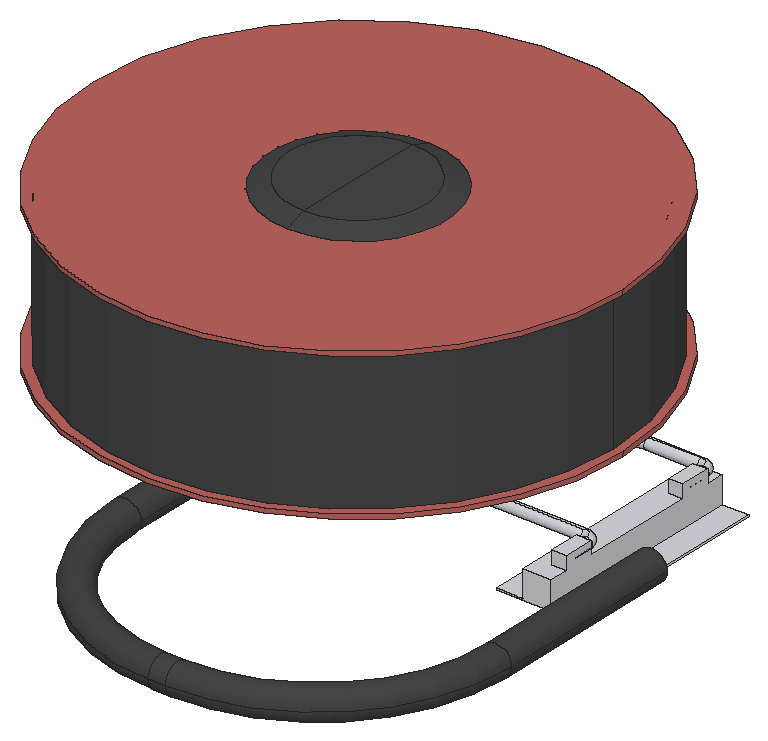
Revit family "GRAS_HW-25 ZWN-R 20-30", category Osprzęt hydrauliczny, Revit 2018
Family settings
  Obiekt nadrzędny = Powierzchnia
  Wymiar okrągłego złącza = Użyj średnicy
  Typ części = Normalny
  Tnij formami wycięć po wczytaniu = Nie
  Współdzielony = Nie
  Punkt obliczania pomieszczeń = Nie
Parameters (values of type "HW-25N-20/30 ZWN-S, 600x170")
  URL = "http://www.gras.pl/"
  Top Right Supply Connection = ""
  Top Left Supply Connection = ""
  Side Right Supply Connection = ""
  Side Left Supply Connection = ""
  Producent = "GRAS PPPH"
  Opis = "https://gras.pl/en/hw-25-zwn-r-20-30/"
  Model = "HW-25N-20/30, 600x170"
  K Factor = 42
  Hose_color = Black
  Flow = 60.0 L/s
  Door_Right - Door_Left [instance] = no
  Default Elevation = 0 mm
  Diameter = 600 mm
  Depth_hose_reel = 170 mm
  DN = 25 mm
  Cabinet material = DC01, RAL3000
  Back Right Supply Connection = ""
  Back Left Supply Connection = ""
Types (2, lengths in mm): name | Model | Diameter | Depth_hose_reel
  HW-25N-20/30 ZWN-S, 600x170 | "HW-25N-20/30, 600x170" | 600 | 170
  HW-25N-20/30 ZWN-S, 650x110 | "HW-25N-20/30, 650x110" | 650 | 110
Reference planes
  plane 1 "Środek (Przód/Tył)": y = 0
  plane 2: z = 0
  plane 3 "Środek (Lewa/Prawa)": x = 0
  plane 4: z = 0
Forms (mm)
  Extrusion 1, solid, not visible
    sketch origin (0, 0, 0) x (1, 0, 0) y (0, 1, 0)
      loop
        line (-1219.2, 1219.2) -> (-1219.2, -1219.2) -> (1219.2, -1219.2) -> (1219.2, 1219.2) -> (-1219.2, 1219.2)
    from 0 to -304.8
Dimensions and locks
  nested 1 to Extrusion 1 = 229.5 mm
  aligned and locked: plane 2 to Extrusion 1
  aligned and locked: level to Extrusion 1
Nested families
  nested 1: "cabinet" at (0, 350, 0) x (-1, 0, 0) z (0, -1, 0), type "cabinet_on_the_wall"
Connectors
  piping at (70, 173, 39.5), diameter 25, driven by "DN"
    settings: on nested 1, index 1, connector inside diameter 609.6 mm, connector length 0 mm, flow factor 0, pipe flow 0.0 L/s, pressure drop 0.0 Pa, fitting loss kfactor 0, connector angle 0.00°, fixture units 0, engagement length 0 mm, angle of deflection 0.00°, flow configuration 0, flow direction 0, fitting loss method 0, system type 7, joint type 0, gender type 0, connector reference index -1, connector utility 0, adjustable connector no, is connector primary yes, connector description ""
Definition of nested family "cabinet"
  Parameters (values of type "cabinet_on_the_wall")
    steel_color = none
    mo_plane = 64 mm
    hose_depth = 170 mm
    diameter = 600 mm
    bracket_thickness = 10 mm
    Szlauch_color = none
    Hoose_reel_mo = mo_plane - 10 mm  # 54 mm
    Default Elevation = 0 mm
    Hose_color = none
    0 = 0 mm
  Reference planes
    plane 1 "Środek (Przód/Tył)": y = 0
    plane 2: z = 0
    plane 3 "Środek (Lewa/Prawa)": x = 0
    plane 4: z = 0
  Dimensions and locks
    "0": nested 2 to level
    "0": nested 2 to plane 3 "Środek (Lewa/Prawa)"
    "0": nested 3 to level
    "0": plane 3 "Środek (Lewa/Prawa)" to nested 3
    "0": nested 1 to nested 3
    "0": nested 1 to nested 4
    "0": nested 4 to nested 3  (x2)
    "0": nested 1 to nested 5
    nested 1 to nested 3 = 18 mm
    "0": nested 5 to nested 1  (x2)
    aligned and locked: level to plane 2
  Nested families
    nested 1: "hose_reel" at (350, -59.5, -232.71), type "hose_reel"
      with diameter 600 mm, depth 170 mm
    nested 2: "bracket" at (-8.25, 0, 0) x (-1, 0, 0) z (0, 0, 1), type "bracket"
    nested 3: "arm" at (0, -39.5, 177) x (-1, 0, 0) z (0, 0, 1), type "arm"
    nested 4: "lacznik" at (350, -39.5, 177) x (-1, 0, 0) z (0, 0, 1), type "lacznik"
    nested 5: "plug" at (350, -229.5, -32.71), type "plug"
  Definition of nested family "hose_reel"
    Parameters (values of type "hose_reel")
      steel_color = none
      diameter = 700 mm
      depth = 58 mm
      Ral_3000 = none
      Hose_color = none
      5 = 5 mm
      180 = 180 mm
      20 = 20 mm
    Reference planes
      plane 1 "Środek (Przód/Tył)": y = 0
      plane 2: z = 0
      plane 3 "Środek (Lewa/Prawa)": x = 0
      plane 4: z = 350
      plane 5: z = 700
      plane 6: y = -58
      plane 7: z = 680
      plane 8: y = -5
      plane 9: y = -53
      plane 10: z = 440
      plane 11: z = 260
      plane 12: z = 690
    Forms (mm)
      Sweep 1, solid, material <- "Ral_3000"
        path origin (0, 0, 0) x (1, 0, 0) y (0, 0, 1)
          loop
            circle (0, 350) r 350
        profile origin (0, 0, 700) x (0, 0, -1) y (0, -1, 0)
          loop
            line (0, 0) -> (260, 0) -> (260, 58) -> (0, 58) -> (0, 53) -> (20, 53) -> (20, 5) -> (0, 5) -> (0, 0)
      Extrusion 2, solid, material <- "Ral_3000"
        sketch origin (0, 0, 0) x (1, 0, 0) y (0, 0, 1)
          loop
            circle (0, 350) r 90
        from 5 to 53
      Sweep 3, solid, material <- "Hose_color"
        path origin (0, 0, 0) x (1, 0, 0) y (0, 0, 1)
          loop
            circle (0, 350) r 340
        profile origin (0, 0, 690) x (0, 0, -1) y (0, -1, 0)
          loop
            line (10, 5) -> (10, 53) -> (0, 53) -> (0, 5) -> (10, 5)
    Dimensions and locks
      equal spacing: plane 5, plane 4, plane 2
      "diameter": plane 5 to plane 2
      "depth": plane 1 "Środek (Przód/Tył)" to plane 6
      "20": plane 5 to plane 7
      "5": plane 1 "Środek (Przód/Tył)" to plane 8
      "5": plane 9 to plane 6
      equal spacing: plane 10, plane 4, plane 11
      "180": plane 10 to plane 11
      equal spacing: plane 5, plane 12, plane 7
      aligned and locked: level to plane 2
      aligned and locked: plane 7 to Sweep 1 sketch curve
      aligned and locked: plane 8 to Sweep 1 sketch curve
      aligned and locked: Sweep 1 sketch curve to plane 9
      aligned and locked: plane 6 to Sweep 1 sketch curve
      aligned and locked: plane 5 to Sweep 1 sketch curve  (x2)
      aligned and locked: Sweep 1 sketch curve to plane 10
      aligned and locked: Extrusion 2 to Sweep 1
      aligned and locked: Sweep 1 to Extrusion 2
      aligned and locked: plane 7 to Sweep 3 sketch curve
      aligned and locked: Sweep 3 sketch curve to plane 9
      aligned and locked: plane 8 to Sweep 3 sketch curve
      aligned and locked: Sweep 3 sketch curve to plane 12
    Automatic sketch dimensions
      Sweep 1 sketch curve to plane 3 "Środek (Lewa/Prawa)" = 0 mm
      Sweep 1 sketch curve to plane 4 = 0 mm
      Sweep 1 sketch curve to plane 1 "Środek (Przód/Tył)" = 0 mm
      Extrusion 2 sketch curve to plane 3 "Środek (Lewa/Prawa)" = 0 mm
      Extrusion 2 sketch curve to plane 4 = 0 mm
      Sweep 3 sketch curve to plane 3 "Środek (Lewa/Prawa)" = 0 mm
      Sweep 3 sketch curve to plane 4 = 0 mm
      radius of Sweep 1 sketch curve = 350 mm
      radius of Extrusion 2 sketch curve = 90 mm
      radius of Sweep 3 sketch curve = 340 mm
  Definition of nested family "bracket"
    Parameters (values of type "bracket")
      thickness = 2 mm
      material = none
      Bracket_Height = 242 mm
      47 = 47 mm
      35 = 35 mm
      32 = 32 mm
      30 = 30 mm
      20 = 20 mm
      165 = 165 mm
      16.5 = 16.5 mm
      15 = 15 mm
    Reference planes
      plane 1 "Środek (Przód/Tył)": y = 0
      plane 2: z = 0
      plane 3 "Środek (Lewa/Prawa)": x = 0
      plane 4: z = 121
      plane 5: z = 242
      plane 6: x = 30
      plane 7: x = -16.5
      plane 8: x = -31.5
      plane 9: x = -61.5
      plane 10: y = -2
      plane 11: y = -32
      plane 12: y = -47
      plane 13: z = 20
      plane 14: z = 55
      plane 15: z = 185
      plane 16: z = 220
      plane 17: y = -39.5
      plane 18: x = -8.25
    Forms (mm)
      Extrusion 1, solid, material <- "material"
        sketch origin (0, 0, 0) x (1, 0, 0) y (0, 1, 0)
          loop
            line (30, 0) -> (-61.5, 0) -> (-61.5, -2) -> (-31.5, -2) -> (-31.5, -32) -> (-16.5, -32) -> (-16.5, -47) -> (0, -47) -> (0, -2) -> (30, -2) -> (30, 0)
        from 0 to 242
      Extrusion 2, void
        sketch origin (0, 0, 0) x (1, 0, 0) y (0, 0, 1)
          loop
            line (-61.5, 242) -> (-61.5, 220) -> (30, 220) -> (30, 242) -> (-61.5, 242)
        from 32 to 47
      Extrusion 3, void
        sketch origin (0, 0, 0) x (1, 0, 0) y (0, 0, 1)
          loop
            line (-61.5, 185) -> (-61.5, 55) -> (30, 55) -> (30, 185) -> (-61.5, 185)
        from 32 to 47
      Extrusion 4, void
        sketch origin (0, 0, 0) x (1, 0, 0) y (0, 0, 1)
          loop
            line (-61.5, 20) -> (-61.5, 0) -> (30, 0) -> (30, 20) -> (-61.5, 20)
        from 32 to 47
    Cuts and joins
      Extrusion 2, Extrusion 3, Extrusion 4 cuts Extrusion 1
    Dimensions and locks
      equal spacing: plane 5, plane 4, level
      "Bracket_Height": plane 5 to level
      "30": plane 3 "Środek (Lewa/Prawa)" to plane 6
      "16.5": plane 7 to plane 3 "Środek (Lewa/Prawa)"
      "15": plane 8 to plane 7
      "30": plane 9 to plane 8
      "thickness": plane 1 "Środek (Przód/Tył)" to plane 10
      "32": plane 1 "Środek (Przód/Tył)" to plane 11
      "47": plane 1 "Środek (Przód/Tył)" to plane 12
      "20": plane 13 to level
      "35": plane 14 to plane 13
      "35": plane 16 to plane 15
      "165": plane 16 to plane 14
      equal spacing: plane 7, plane 18, plane 3 "Środek (Lewa/Prawa)"
      equal spacing: plane 11, plane 17, plane 12
      aligned and locked: level to plane 2
      aligned and locked: plane 1 "Środek (Przód/Tył)" to Extrusion 1 sketch curve
      aligned and locked: plane 10 to Extrusion 1 sketch curve  (x2)
      aligned and locked: plane 9 to Extrusion 1 sketch curve
      aligned and locked: plane 8 to Extrusion 1 sketch curve
      aligned and locked: plane 11 to Extrusion 1 sketch curve
      aligned and locked: plane 7 to Extrusion 1 sketch curve
      aligned and locked: plane 12 to Extrusion 1 sketch curve
      aligned and locked: Extrusion 1 sketch curve to plane 3 "Środek (Lewa/Prawa)"
      aligned and locked: Extrusion 1 sketch curve to plane 6
      aligned and locked: Extrusion 1 to level
      aligned and locked: plane 5 to Extrusion 1
      aligned and locked: Extrusion 2 sketch curve to plane 5
      aligned and locked: plane 16 to Extrusion 2 sketch curve
      aligned and locked: plane 9 to Extrusion 2 sketch curve
      aligned and locked: Extrusion 2 sketch curve to plane 6
      aligned and locked: Extrusion 2 to plane 12
      aligned and locked: plane 11 to Extrusion 2
      aligned and locked: plane 9 to Extrusion 3 sketch curve
      aligned and locked: Extrusion 3 sketch curve to plane 6
      aligned and locked: plane 14 to Extrusion 3 sketch curve
      aligned and locked: Extrusion 3 sketch curve to plane 15
      aligned and locked: plane 11 to Extrusion 3
      aligned and locked: Extrusion 3 to plane 12
      aligned and locked: Extrusion 4 sketch curve to plane 6
      aligned and locked: plane 9 to Extrusion 4 sketch curve
      aligned and locked: level to Extrusion 4 sketch curve
      aligned and locked: Extrusion 4 sketch curve to plane 13
      aligned and locked: plane 11 to Extrusion 4
      aligned and locked: Extrusion 4 to plane 12
  Definition of nested family "arm"
    Parameters (values of type "arm")
      rop = 12 mm
      r = 10 mm
      dist.x = 350 mm
      66 = 66 mm
      50 = 45 mm
      40 = 36 mm
      34 = 25 mm
      162 = 165 mm
      1/4.x = dist.x / 4  # 87.5 mm
    Reference planes
      plane 1 "Środek (Przód/Tył)": y = 0
      plane 2: z = 0
      plane 3 "Środek (Lewa/Prawa)": x = 0
      plane 4: x = -350
      plane 5: y = 6
      plane 6: y = -6
      plane 7: z = -165
      plane 8: z = 39
      plane 9: z = -126
      plane 10: x = -368
      plane 11: x = -332
      plane 12: z = -18
      plane 13: z = -6
      plane 14: x = -262.5
      plane 15: x = -87.5
      plane 16: z = -177
      plane 17: z = -171
      plane 18: z = -12
      plane 19: z = -24
      plane 20: z = -60
      plane 21: y = -25
      plane 22: y = 18
      plane 23: y = -18
    Forms (mm)
      Sweep 1, solid
        path origin (0, 0, 0) x (1, 0, 0) y (0, 0, 1)
          loop
            line (0, 39) -> (0, 4)
            arc (0, 4) -> (-2.929, -3.071) -> (-10, -6) r 10
            line (-10, -6) -> (-350, -6)
        profile origin (0, 0, 21.5) x (0, -1, 0) y (1, 0, 0)
          loop
            circle (0, 0) r 6
      Sweep 2, solid
        path origin (-350, 743.266, 1200) x (0, 1, 0) y (0, 0, 1)
          loop
            line (-743.266, -1200) -> (-743.266, -1260) -> (-768.266, -1260)
        profile origin (-350, 0, -30) x (1, 0, 0) y (0, 1, 0)
          loop
            circle (0, 0) r 18
      Extrusion 3, void
        sketch origin (0, 0, 0) x (1, 0, 0) y (0, 1, 0)
          loop
            circle (-350, 0) r 18
        from 0 to -24
      Sweep 4, solid
        path origin (0, 0, 0) x (1, 0, 0) y (0, 0, 1)
          loop
            line (0, -126) -> (0, -161)
            arc (0, -161) -> (-2.929, -168.071) -> (-10, -171) r 10
            line (-10, -171) -> (-70.191, -171)
            arc (-70.191, -171) -> (-82.386, -168.822) -> (-93.072, -162.558) r 35.231
            line (-93.072, -162.558) -> (-254.148, -24.978)
            arc (-254.148, -24.978) -> (-263.152, -19.798) -> (-273.383, -18) r 30
            line (-273.383, -18) -> (-350, -18)
        profile origin (0, 0, -143.5) x (0, -1, 0) y (1, 0, 0)
          loop
            circle (0, 0) r 6
    Cuts and joins
      Extrusion 3 cuts Sweep 1
      Extrusion 3 cuts Sweep 4
    Dimensions and locks
      equal spacing: plane 5, plane 1 "Środek (Przód/Tył)", plane 6
      "dist.x": plane 4 to plane 3 "Środek (Lewa/Prawa)"
      "rop": plane 5 to plane 6
      equal spacing: plane 11, plane 4, plane 10
      "40": plane 11 to plane 10
      "1/4.x": plane 14 to plane 4
      "1/4.x": plane 3 "Środek (Lewa/Prawa)" to plane 15
      "34": plane 1 "Środek (Przód/Tył)" to plane 21
      equal spacing: plane 22, plane 1 "Środek (Przód/Tył)", plane 23
      "40": plane 22 to plane 23
      "rop": level to plane 18
      equal spacing: level, plane 13, plane 18
      "50": plane 8 to plane 13
      "dist.x": plane 3 "Środek (Lewa/Prawa)" to plane 4
      equal spacing: plane 18, plane 12, plane 19
      "rop": plane 18 to plane 19
      "50": plane 9 to plane 17
      equal spacing: plane 7, plane 17, plane 16
      "rop": plane 7 to plane 16
      "162": plane 8 to plane 9
      "34": plane 21 to plane 1 "Środek (Przód/Tył)"
      "rop": diameter of Sweep 1 sketch curve
      "40": diameter of Sweep 2 sketch curve
      diameter of Sweep 2 = 36 mm
      "r": radius of Sweep 1 sketch curve
      "r": radius of Sweep 4 sketch curve
      "rop": diameter of Sweep 4 sketch curve
      aligned and locked: level to plane 2
      aligned and locked: plane 3 "Środek (Lewa/Prawa)" to Sweep 1 sketch curve
      aligned and locked: plane 8 to Sweep 1 sketch curve
      aligned and locked: plane 13 to Sweep 1 sketch curve
      aligned and locked: Sweep 2 sketch curve to plane 20
      aligned and locked: Sweep 2 sketch curve to plane 1 "Środek (Przód/Tył)"
      aligned and locked: Extrusion 3 to level
      aligned and locked: plane 19 to Extrusion 3
      aligned and locked: Sweep 4 sketch curve to plane 17
      aligned and locked: plane 12 to Sweep 4 sketch curve
    Automatic sketch dimensions
      plane 1 "Środek (Przód/Tył)" to Sweep 1 sketch curve = 0 mm
      Sweep 1 sketch curve to profile plane = 0 mm
      Sweep 2 sketch curve to plane 21 = 0 mm
      Sweep 2 sketch curve to level = 0 mm
      Sweep 2 sketch curve to plane 4 = 0 mm
      Sweep 2 sketch curve to profile plane = 0 mm
      plane 1 "Środek (Przód/Tył)" to Extrusion 3 sketch curve = 0 mm
      Extrusion 3 sketch curve to plane 4 = 0 mm
      Sweep 1 sketch curve to plane 4 = 0 mm
      plane 1 "Środek (Przód/Tył)" to Sweep 4 sketch curve = 0 mm
      Sweep 4 sketch curve to profile plane = 0 mm
      Sweep 4 sketch curve to plane 4 = 0 mm
      Sweep 4 sketch curve to plane 3 "Środek (Lewa/Prawa)" = 0 mm
      Sweep 4 sketch curve to plane 9 = 0 mm
      Sweep 4 sketch curve to plane 14 = 10.883 mm
      plane 19 to Sweep 4 sketch curve = 0.978 mm
      plane 14 to Sweep 4 sketch curve = 8.352 mm
      plane 7 to Sweep 4 sketch curve = 2.442 mm
      Sweep 4 sketch curve to plane 15 = 5.572 mm
      radius of Extrusion 3 sketch curve = 18 mm
  Definition of nested family "lacznik"
    Parameters (values of type "lacznik")
      material = none
      600 = 420 mm  # constant formula
      35 = 35 mm
      100 = 200 mm
    Reference planes
      plane 1 "Środek (Przód/Tył)": y = 0
      plane 2: z = 0
      plane 3 "Środek (Lewa/Prawa)": x = 0
      plane 4: x = 420
      plane 5: y = 420
      plane 6: x = -17.5
      plane 7: x = 17.5
      plane 8: z = 420
    Forms (mm)
      Sweep 1, solid, material <- "material"
        path origin (0, 0, 0) x (1, 0, 0) y (0, 0, 1)
          loop
            line (0, 0) -> (0, 220)
            arc (0, 220) -> (58.579, 361.421) -> (200, 420) r 200
            line (200, 420) -> (220, 420)
            arc (220, 420) -> (361.421, 361.421) -> (420, 220) r 200
            line (420, 220) -> (420, 0)
        profile origin (0, 0, 110) x (-1, 0, 0) y (0, -1, 0)
          loop
            circle (0, 0) r 17.5
    Dimensions and locks
      equal spacing: plane 6, plane 3 "Środek (Lewa/Prawa)", plane 7
      "35": plane 6 to plane 7
      "600": plane 3 "Środek (Lewa/Prawa)" to plane 4
      "600": plane 5 to plane 1 "Środek (Przód/Tył)"
      "600": plane 8 to level
      "100": radius of Sweep 1 sketch curve  (x2)
      aligned and locked: level to plane 2
    Automatic sketch dimensions
      plane 1 "Środek (Przód/Tył)" to Sweep 1 sketch curve = 0 mm
      Sweep 1 sketch curve to profile plane = 0 mm
      Sweep 1 sketch curve to plane 3 "Środek (Lewa/Prawa)" = 0 mm
      Sweep 1 sketch curve to plane 8 = 0 mm
      Sweep 1 sketch curve to plane 4 = 0 mm
      Sweep 1 sketch curve to level = 0 mm  (x2)
      radius of Sweep 1 sketch curve = 17.5 mm
  Definition of nested family "plug"
    Parameters (values of type "plug")
      thickness = 2 mm
      plug_diameter = 200 mm
      material = none
      depth = 8 mm
    Reference planes
      plane 1 "Środek (Przód/Tył)": y = 0
      plane 2: z = 0
      plane 3 "Środek (Lewa/Prawa)": x = 0
      plane 4: y = -8
      plane 5: z = 200
      plane 6: z = 100
      plane 7: x = -100
      plane 8: x = 100
    Forms (mm)
      Revolve 1, solid, material <- "material"
        sketch origin (0, 0, 0) x (0, 1, 0) y (0, 0, 1)
          loop
            line (0, 200) -> (-8, 176.941) -> (-8, 100) -> (-6, 100) -> (-6, 176.604) -> (0, 193.898) -> (0, 200)
          axis (-8, 100) -> (0, 100)
        angle from 0 to 360
    Dimensions and locks
      "depth": plane 1 "Środek (Przód/Tył)" to plane 4
      equal spacing: plane 5, plane 6, level
      "plug_diameter": plane 5 to level
      equal spacing: plane 8, plane 3 "Środek (Lewa/Prawa)", plane 7
      "plug_diameter": plane 8 to plane 7
      "thickness": Revolve 1 sketch curve to Revolve 1 sketch curve  (x2)
      aligned and locked: level to plane 2
      aligned and locked: Revolve 1 sketch curve to plane 6  (x2)
    Automatic sketch dimensions
      Revolve 1 sketch curve to plane 4 = 0 mm
      Revolve 1 sketch curve to plane 1 "Środek (Przód/Tył)" = 0 mm
      Revolve 1 sketch curve to plane 5 = 0 mm
      Revolve 1 sketch curve to plane 5 = 23.396 mm
      Revolve 1 sketch curve to plane 4 = 50 mm
      Revolve 1 sketch curve to plane 1 "Środek (Przód/Tył)" = 40 mm
